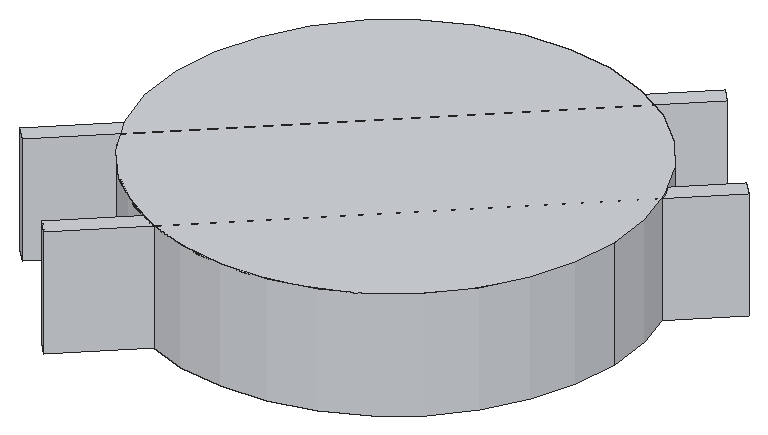
Revit family "電線管用ファミリ(片側のみ)_8", category Electrical Fixtures, Revit 2022
Family settings
  Round Connector Dimension = Use Diameter
  Part Type = Normal
  OmniClass Number = 23.80.00.00
  OmniClass Title = Electric Power and Lighting
  Work Plane-Based = No
  Always vertical = Yes
  Cut with Voids When Loaded = No
  Maintain Annotation Orientation = No
  Shared = No
  Room Calculation Point = No
Parameters
  コネクタ直径 [instance] = 16 mm
  W [instance] = 200 mm
  Default Elevation = 0 mm
  D [instance] = 200 mm
Reference planes
  plane 1 "Center (Front/Back)": y = 0
  plane 2: z = 0
  plane 3 "Center (Left/Right)": x = 0
  plane 4: x = -100
  plane 5: x = 100
  plane 6: y = 100
  plane 7: y = -100
  plane 8: z = 33.685
  plane 9: z = 50
Forms (mm)
  Extrusion 1, solid
    sketch origin (0, 0, 0) x (1, 0, 0) y (0, 1, 0)
      loop
        circle (0, 0) r 100
    from 0 to 50
  Extrusion 2, solid
    sketch origin (-27.232, 16.89, 0) x (1, 0, 0) y (0, 1, 0)
      loop
        line (-90.346, -84.264) -> (-84.736, -89.874) -> (94.109, 88.971) -> (88.499, 94.581) -> (-90.346, -84.264)
    from 0 to 50
  Extrusion 3, solid
    sketch origin (19.081, -32.871, 0) x (1, 0, 0) y (0, 1, 0)
      loop
        line (-88.622, -82.54) -> (-83.012, -88.15) -> (95.833, 90.695) -> (90.223, 96.305) -> (-88.622, -82.54)
    from 0 to 50
Dimensions and locks
  equal spacing: plane 4, plane 3 "Center (Left/Right)", plane 5
  "W": plane 4 to plane 5
  equal spacing: plane 6, plane 1 "Center (Front/Back)", plane 7
  "D": plane 6 to plane 7
  aligned and locked: level to plane 2
  aligned and locked: plane 9 to Extrusion 1
Automatic sketch dimensions
  plane 1 "Center (Front/Back)" to Extrusion 1 sketch curve = 0 mm
  Extrusion 1 sketch curve to plane 3 "Center (Left/Right)" = 0 mm
  Extrusion 2 sketch curve to plane 4 = 17.578 mm
  Extrusion 2 sketch curve to Extrusion 2 sketch curve = 5.61 mm  (x2)
  Extrusion 2 sketch curve to plane 5 = 38.733 mm
  plane 7 to Extrusion 2 sketch curve = 27.016 mm
  plane 4 to Extrusion 3 sketch curve = 30.459 mm
  plane 4 to Extrusion 3 sketch curve = 36.069 mm
  Extrusion 3 sketch curve to plane 6 = 36.565 mm
  plane 5 to Extrusion 3 sketch curve = 9.304 mm
  Extrusion 3 sketch curve to Extrusion 3 sketch curve = 5.61 mm
  radius of Extrusion 1 sketch curve = 100 mm
Connectors
  cabletrayconduit at (0, 0, 50), diameter 16
    settings: on Extrusion 1, index 1, connector width 300 mm, connector height 300 mm, connector angle 0.00°, system type 32, placement type 0, profile type 0, connector reference index -1, is primary connector yes, connector utility param no, connector description ""
